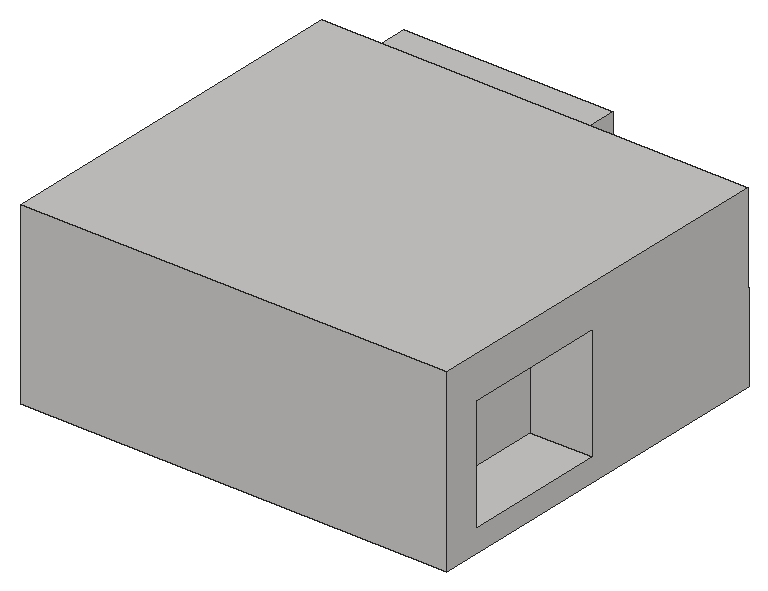
Revit family
Parameters
  Width = 3' - 0 1/8"
  Voltage = 120 V
  Unit Weight = "145.0 lbs"
  UltraLoc Liner = Choose Liner Option = 3  # no
  URL = "http://www.titus-hvac.com/"
  UL = "181"
  Supply Air Flow [instance] = 0 CFM
  SteriLoc Liner = Choose Liner Option = 2  # no
  Primary Air Pressure Drop [instance] = 0.00 in-wg
  Primary Air Flow [instance] = 0 CFM
  Plenum Air Pressure Drop [instance] = 0.00 in-wg
  Plenum Air Flow [instance] = 0 CFM
  Outlet Width = 1' - 2"
  Outlet Vertical Offset = 0' - 1 1/8"
  Outlet Horizontal Offset = 0' - 1 3/8"
  Outlet Height = 0' - 11"
  Number of Poles = 1
  Nominal Width = Width + 0' 6 1/4"  # 3' - 6 3/8"
  Nominal Length = Length + 0' 3 3/8"  # 3' - 8 1/4"
  Nominal Inlet Size = 0' - 8"
  Nominal Height = 1' - 5 1/8"
  NFPA = "90A"
  Motor Full Load Amps = 4 A
  Model = "DTQS"
  Min. Air Flow = 0 CFM
  Max. Air Flow = 0 CFM
  Material = Galvanized Steel
  Manufacturer = "Titus"
  Length = 3' - 4 7/8"
  Juction Box Offset = 0' - 2 7/8"
  Inlet Diameter = Nominal Inlet Size - 0' 0 1/8"  # 0' - 7 7/8"
  Induced Air Inlet Offset = 0' - 4 1/2"
  Induced Air Inlet Width = 1' - 1 1/4"
  Induced Air Inlet Height = 1' - 2 1/2"
  Induced Air Filter = no
  Heating Total Capacity [instance] = 0 Btu/h
  Half Outlet Connection Width = Outlet Width / 2  # 0' - 7"
  Half Outlet Connection Height = Outlet Height / 2  # 0' - 5 1/2"
  Half Height Start = -(Nominal Height / 2)  # -0' - 8 9/16"
  Half Height End = Nominal Height / 2  # 0' - 8 9/16"
  HP-Motor = "1/6"
  Frequency = 60 Hz
  Filter Size = "19\"x17\""
  Fiber Free Liner = Choose Liner Option = 1  # no
  Fan Disconnect Switch = no
  Duct Radius = Nominal Inlet Size / 2  # 0' - 4"
  Description = "Series Fan Powered Terminal Unit, Direct Digital Control, Pressure Independent"
  Connection Void Radius = Connection Radius - 0' 0 1/4"  # 0' - 3 11/16"
  Connection Radius = Inlet Diameter / 2  # 0' - 3 15/16"
  Choose Liner Option = 0
  CADworks URL = "www.CADworks.net"
  Assembly Code = "D3040100"
  Apparent Power = Voltage * Motor Full Load Amps  # 480 VA
  Air Inlet Offset = 0' - 6"
  1/2" Fiberglass Liner = Choose Liner Option = 0  # yes
Reference planes (in)
  plane 1 "Center (Front/Back)": y = 0
  plane 2: z = 0
  plane 3 "Center (Left/Right)": x = 3
  plane 4: x = -17.4375
  plane 5: x = 23.4375
  plane 6: x = -14.5625
  plane 7: x = -20.8125
  plane 8 "Center (Elevation)": z = 0
  plane 9: y = -18.0625
  plane 10: y = 18.0625
  plane 11: y = 12.0625
  plane 12: y = -13.5625
  plane 13: x = -11.4375
  plane 14: x = 17.4375
  plane 15: y = 24.3125
  plane 16: z = 8.5625
  plane 17: z = -8.5625
Forms (in)
  Extrusion 1, solid, material "Galvanized Steel" <- "Material"
    sketch origin (61, -3.76302, 78.80279) x (1, 0, 0) y (0, 1, 0)
      loop
        line (-78.4375, 21.82552) -> (-78.4375, -14.29948) -> (-37.5625, -14.29948) -> (-37.5625, 21.82552) -> (-78.4375, 21.82552)
    from -87.36529 <- "Half Height Start" to -70.24029 <- "Half Height End"
  Extrusion 2, solid, material "Galvanized Steel" <- "Material"
    sketch origin (4.0625, 0, 42) x (1, 0, 0) y (0, 1, 0)
      loop
        line (-18.625, 18.0625) -> (1.375, 18.0625) -> (1.375, 24.3125) -> (-18.625, 24.3125) -> (-18.625, 18.0625)
    from -48 to -36
  Extrusion 3, void
    sketch origin (23.4375, 18.0625, 76.42779) x (0, 1, 0) y (0, 0, -1)
      loop
        line (-18.625, 71.86529) -> (-18.625, 82.86529) -> (-32.625, 82.86529) -> (-32.625, 71.86529) -> (-18.625, 71.86529)
    from 0 to 6
  Extrusion 4, solid, material "Galvanized Steel" <- "Material"
    sketch origin (-24.875, -0.4375, 0) x (0, 0, -1) y (0, 1, 0)
      loop
        circle (0, 12.5) r 3.9375
    from 4.0625 to 7.4375
  Extrusion 5, void
    sketch origin (-24.875, 0, 0) x (0, 1, 0) y (0, 0, 1)
      loop
        circle (12.0625, 0) r 3.6875
    from 4.0625 to 13.4375
  Extrusion 6, void
    sketch origin (-17.4375, -18.0625, 78.67779) x (0, -1, 0) y (0, 0, -1)
      loop
        line (-17.75, 71.49029) -> (-4.5, 71.49029) -> (-4.5, 85.99029) -> (-17.75, 85.99029) -> (-17.75, 71.49029)
    from 0 to 6
Cuts and joins
  Extrusion 3, Extrusion 5, Extrusion 6 cuts Extrusion 1
  Extrusion 5 cuts Extrusion 4
Dimensions and locks (in)
  "Length": plane 5 to plane 4
  equal spacing: plane 5, plane 3 "Center (Left/Right)", plane 4
  locked: Extrusion 2 to plane 6 at 0
  locked: Extrusion 2 to Extrusion 2 at 20
  "Juction Box Offset": plane 6 to plane 4
  "Outlet Height": Extrusion 3 sketch curve to Extrusion 3 sketch curve
  "Outlet Width": Extrusion 3 sketch curve to Extrusion 3 sketch curve
  locked: plane 4 to plane 7 at 3.375
  "Width": plane 9 to plane 10
  equal spacing: plane 9, plane 1 "Center (Front/Back)", plane 10
  locked: Extrusion 4 sketch curve to level at 0
  locked: Extrusion 4 sketch curve to plane 11 at 0
  locked: Extrusion 5 sketch curve to level at 0
  locked: Extrusion 5 sketch curve to plane 11 at 0
  locked: Extrusion 2 to Extrusion 2 at 6.25
  "Air Inlet Offset": plane 10 to plane 11
  locked: Extrusion 2 to plane 10 at 0
  locked: cut or joined group of Extrusion 4, Extrusion 5 to plane 7 at 0
  locked: cut or joined group of Extrusion 4, Extrusion 5 to cut or joined group of Extrusion 4, Extrusion 5 at 3.375
  "Induced Air Inlet Offset": plane 9 to plane 12
  "Induced Air Inlet Width": Extrusion 6 sketch curve to Extrusion 6 sketch curve
  "Induced Air Inlet Height": Extrusion 6 sketch curve to Extrusion 6 sketch curve
  "Induced Air Inlet Offset": Extrusion 6 sketch curve to plane 9
  locked: plane 9 to Extrusion 3 sketch curve at 3.5
  cut or joined group of Extrusion 1, Extrusion 3, Extrusion 5, Extrusion 6 to Extrusion 6 sketch curve = 0' - 1 3/8"
  cut or joined group of Extrusion 1, Extrusion 3, Extrusion 5, Extrusion 6 to Extrusion 3 sketch curve = 0' - 2 1/8"
  locked: Extrusion 2 to Extrusion 2 at 12
  equal spacing: Extrusion 2, level, Extrusion 2
  locked: cut or joined group of Extrusion 1, Extrusion 3, Extrusion 5, Extrusion 6 to cut or joined group of Extrusion 1, Extrusion 3, Extrusion 5, Extrusion 6 at 17.125
  equal spacing: cut or joined group of Extrusion 1, Extrusion 3, Extrusion 5, Extrusion 6, level, cut or joined group of Extrusion 1, Extrusion 3, Extrusion 5, Extrusion 6
  locked: plane 4 to plane 13 at 6
  locked: plane 14 to plane 5 at 6
  "Connection Radius": radius of Extrusion 4 sketch curve
  "Connection Void Radius": radius of Extrusion 5 sketch curve
  aligned and locked: cut or joined group of Extrusion 1, Extrusion 3, Extrusion 5, Extrusion 6 to plane 10
  aligned and locked: plane 9 to cut or joined group of Extrusion 1, Extrusion 3, Extrusion 5, Extrusion 6
  aligned and locked: plane 5 to cut or joined group of Extrusion 1, Extrusion 3, Extrusion 5, Extrusion 6
  aligned and locked: cut or joined group of Extrusion 1, Extrusion 3, Extrusion 5, Extrusion 6 to plane 4
  aligned and locked: Extrusion 3 to plane 14
  aligned and locked: plane 13 to Extrusion 6
  aligned and locked: Extrusion 6 to Extrusion 5
Automatic sketch dimensions
  plane 4 to Extrusion 1 sketch curve = 0' - 0"
  plane 5 to Extrusion 1 sketch curve = 0' - 0"
  plane 9 to Extrusion 1 sketch curve = 0' - 0"
  plane 10 to Extrusion 1 sketch curve = 0' - 0"
  Extrusion 2 sketch curve to plane 6 = 0' - 0"
  Extrusion 2 sketch curve to plane 10 = 0' - 0"
  plane 3 "Center (Left/Right)" to Extrusion 2 sketch curve = 0' - 2 7/16"
  Extrusion 2 sketch curve to plane 10 = 0' - 6 1/4"
Connectors (in)
  electrical at (-4.5625, 24.3125, 0), driven by "Apparent Power", driven by "Voltage", driven by "Number of Poles"
    settings: on Extrusion 2, index 8
  hvac at (-20.8125, 12.0625, 0), driven by "Primary Air Flow", driven by "Duct Radius", driven by "Primary Air Pressure Drop"
    settings: on cut or joined group of Extrusion 4, Extrusion 5, index 9
  hvac at (-17.4375, -6.9375, -0.0625), driven by "Induced Air Inlet Width", driven by "Induced Air Inlet Height", driven by "Plenum Air Pressure Drop", driven by "Plenum Air Flow"
    settings: on cut or joined group of Extrusion 1, Extrusion 3, Extrusion 5, Extrusion 6, index 14
  hvac at (23.4375, -7.5625, -0.9375), driven by "Supply Air Flow", driven by "Outlet Width", driven by "Outlet Height"
    settings: on cut or joined group of Extrusion 1, Extrusion 3, Extrusion 5, Extrusion 6, index 15
